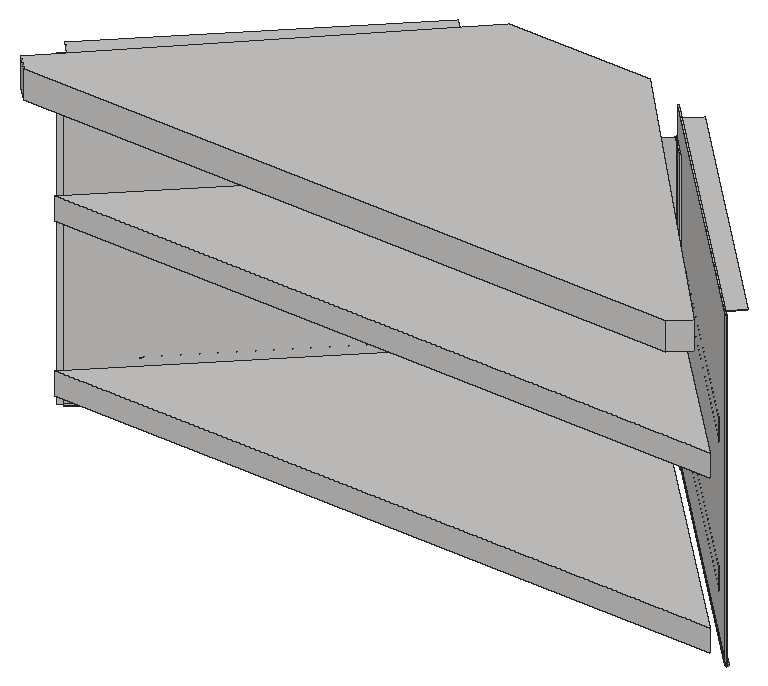
Revit family "QF_BOURGEAT_Self_meuble_angle90_ouvert_cote_service", category Equipement spécialisé, Revit 2015
Parameters
  URL catalogue = "http://www.bourgeat.fr"
  URL = ""
  Type article = ""
  Spécification technique = "OASIS"
  Profondeur hors tout = 580 mm
  Modèle = "854241"
  Longueur hors tout = 1464 mm
  Hauteur hors tout = 900 mm
  Fabricant = "BOURGEAT"
  Contact SAV = "0033(0)4.76.32.14.44"
Reference planes
  plane 1 "Centre (avant/arrière)": y = 0
  plane 2: z = 0
  plane 3 "Centre (gauche/droite)": x = 0
  plane 4: z = 662
  plane 5: z = 375
  plane 6: z = 35
  plane 7: y = -58
  plane 8: y = -5
  plane 9: x = -154
  plane 10: x = 154
  plane 11: y = -6
  plane 12: through (-154, -6, 1200) normal (-0.3827, -0.9239, 0)
  plane 13: through (-194.189, 10.647, 1200) normal (0.9239, -0.3827, 0)
  plane 14: through (-154, -6, 1200) normal (0.9239, -0.3827, 0)
  plane 15: through (-226.963, -42.345, 1200) normal (-0.3827, -0.9239, 0)
  plane 16: z = 610
  plane 17: z = 721.8
  plane 18: z = 86.6
  plane 19: z = 426.6
Forms (mm)
  Extrusion 1, solid, material "Acier inoxydable, brossé"
    sketch origin (0, 0, 0) x (0, 1, 0) y (0, 0, 1)
      loop
        line (-5, 662) -> (-7.005, 662) -> (-7.005, 610) -> (-5, 610) -> (-5, 662)
    from -154 to 154
Dimensions and locks
  angle plane 11 to plane 12 = 157.50°
  aligned and locked: plane 2 to level
  aligned and locked: plane 4 to Extrusion 1 sketch curve
  aligned and locked: plane 8 to Extrusion 1 sketch curve
  aligned and locked: Extrusion 1 to plane 9
  aligned and locked: nested 3 to plane 1 "Centre (avant/arrière)"
  aligned and locked: plane 3 "Centre (gauche/droite)" to nested 3
  aligned and locked: plane 7 to nested 5
  aligned and locked: plane 7 to nested 4
  aligned and locked: plane 3 "Centre (gauche/droite)" to nested 4
  aligned and locked: plane 3 "Centre (gauche/droite)" to nested 5
  aligned and locked: plane 17 to nested 3
  aligned and locked: plane 18 to nested 5
  aligned and locked: plane 19 to nested 4
Nested families
  nested 1: "Famille3" at (452.778, -236.517, 0) x (-0.7071, 0.7071, 0) z (0, 0, 1), type "Famille3"
  nested 2: "Famille3" at (-452.778, -236.517, 0) x (0.7071, 0.7071, 0) z (0, 0, 1), type "Famille3"
  nested 3: "dessus_meuble90_ouvert_service" at (0, -636, 661.8), type "dessus_meuble90_ouvert_service"
  nested 4: "etagere_meuble90_ouvert_service" at (0, -534, 376.6), type "etagere_meuble90_ouvert_service"
  nested 5: "etagere_meuble90_ouvert_service" at (0, -534, 36.6), type "etagere_meuble90_ouvert_service"
  nested 6: "tole_fermeture_arriere" at (0, -5, 0), type "tole_fermeture_arriere"
Definition of nested family "Famille3"
  Reference planes
    plane 1 "Centre (avant/arrière)": y = 0
    plane 2: z = 0
    plane 3 "Centre (gauche/droite)": x = 0
    plane 4: x = -373.5
    plane 5: x = 373.5
    plane 6: x = 372.5
    plane 7: y = -1
    plane 8: y = -40
    plane 9: through (372.5, -40, 1200) normal (0.9659, -0.2588, 0)
    plane 10: through (373.5, -40, 1200) normal (0.9659, -0.2588, 0)
    plane 11: through (369.461, -51.341, 1200) normal (0.2588, 0.9659, 0)
    plane 12: through (-373.5, 0, 1200) normal (0.0872, -0.9962, 0)
    plane 13: through (-373.5, -1, 1200) normal (0.0872, -0.9962, 0)
    plane 14: through (-385.454, -1.046, 1200) normal (0.9962, 0.0872, 0)
    plane 15: through (-373.5, 0, 1200) normal (0.9962, 0.0872, 0)
    plane 16: z = 686
    plane 17: x = 347.5
    plane 18: z = 611
    plane 19: z = 685
    plane 20: x = -368.5
    plane 21: x = 302.5
    plane 22: z = 5
    plane 23: z = 1
    plane 24: y = -7
    plane 25: y = -47.591
    plane 26: z = 16.8
    plane 27: z = 136
    plane 28: z = 426
    plane 29: x = 270
    plane 30: x = -270
  Forms (mm)
    Extrusion 1, solid
      sketch origin (0, 0, 0) x (1, 0, 0) y (0, 1, 0)
        loop
          line (-385.368, -2.038) -> (-373.5, -1) -> (370.5, -1)
          arc (370.5, -1) -> (371.914, -1.586) -> (372.5, -3) r 2
          line (372.5, -3) -> (372.5, -39.605)
          arc (372.5, -39.605) -> (372.474, -39.997) -> (372.398, -40.381) r 3
          line (372.398, -40.381) -> (369.461, -51.341) -> (370.394, -51.591) -> (373.398, -40.381)
          arc (373.398, -40.381) -> (373.474, -39.997) -> (373.5, -39.605) r 3
          line (373.5, -39.605) -> (373.5, -2)
          arc (373.5, -2) -> (372.914, -0.586) -> (371.5, 0) r 2
          line (371.5, 0) -> (-373.5, 0) -> (-385.454, -1.046) -> (-385.368, -2.038)
      from 5 to 686
    Extrusion 2, void
      sketch origin (0, 0, 0) x (1, 0, 0) y (0, 0, 1)
        loop
          line (347.5, 611) -> (387.5, 611) -> (387.5, 696) -> (347.5, 696) -> (347.5, 611)
      from 0 to 250
    Extrusion 3, solid
      sketch origin (0, 0, 0) x (0, 1, 0) y (0, 0, 1)
        loop
          line (-40, 686) -> (-40, 685) -> (0, 685) -> (0, 686) -> (-40, 686)
      from -368.5 to 302.5
    Extrusion 4, solid
      sketch origin (0, 0, 0) x (0, 1, 0) y (0, 0, 1)
        loop
          line (0, 5) -> (-1, 5) -> (-1, 3)
          arc (-1, 3) -> (-1.586, 1.586) -> (-3, 1) r 2
          line (-3, 1) -> (-7, 1) -> (-7, 0) -> (-2, 0)
          arc (-2, 0) -> (-0.586, 0.586) -> (0, 2) r 2
          line (0, 2) -> (0, 5)
      from -373.5 to 373.5
    Extrusion 5, solid
      sketch origin (0, -123.941, -57.378) x (0, 1, 0) y (0, 0, 1)
        loop
          line (112.941, 483.378) -> (112.941, 482.378) -> (120.941, 482.378)
          arc (120.941, 482.378) -> (121.648, 482.085) -> (121.941, 481.378) r 1
          line (121.941, 481.378) -> (121.941, 435.378)
          arc (121.941, 435.378) -> (121.648, 434.671) -> (120.941, 434.378) r 1
          line (120.941, 434.378) -> (112.941, 434.378) -> (112.941, 433.378) -> (120.941, 433.378)
          arc (120.941, 433.378) -> (122.355, 433.964) -> (122.941, 435.378) r 2
          line (122.941, 435.378) -> (122.941, 481.378)
          arc (122.941, 481.378) -> (122.355, 482.792) -> (120.941, 483.378) r 2
          line (120.941, 483.378) -> (112.941, 483.378)
        loop
          line (112.941, 193.378) -> (112.941, 192.378) -> (120.941, 192.378)
          arc (120.941, 192.378) -> (121.648, 192.085) -> (121.941, 191.378) r 1
          line (121.941, 191.378) -> (121.941, 145.378)
          arc (121.941, 145.378) -> (121.648, 144.671) -> (120.941, 144.378) r 1
          line (120.941, 144.378) -> (112.941, 144.378) -> (112.941, 143.378) -> (120.941, 143.378)
          arc (120.941, 143.378) -> (122.355, 143.964) -> (122.941, 145.378) r 2
          line (122.941, 145.378) -> (122.941, 191.378)
          arc (122.941, 191.378) -> (122.355, 192.792) -> (120.941, 193.378) r 2
          line (120.941, 193.378) -> (112.941, 193.378)
      from -270 to 270
  Cuts and joins
    Extrusion 2 cuts Extrusion 1
  Dimensions and locks
    plane 15 to plane 14 = 12 mm
    plane 16 to plane 2 = 686 mm
    aligned and locked: level to plane 2
    aligned and locked: Extrusion 1 sketch curve to plane 14
    aligned and locked: Extrusion 1 sketch curve to plane 12
    aligned and locked: plane 1 "Centre (avant/arrière)" to Extrusion 1 sketch curve
    aligned and locked: Extrusion 1 sketch curve to plane 5
    aligned and locked: Extrusion 1 sketch curve to plane 10
    aligned and locked: Extrusion 1 sketch curve to plane 11
    aligned and locked: Extrusion 1 sketch curve to plane 9
    aligned and locked: plane 6 to Extrusion 1 sketch curve
    aligned and locked: plane 7 to Extrusion 1 sketch curve
    aligned and locked: Extrusion 1 sketch curve to plane 13
    aligned and locked: plane 16 to Extrusion 1
    aligned and locked: Extrusion 2 sketch curve to plane 18
    aligned and locked: plane 17 to Extrusion 2 sketch curve
    aligned and locked: Extrusion 3 sketch curve to plane 16
    aligned and locked: plane 8 to Extrusion 3 sketch curve
    aligned and locked: Extrusion 3 sketch curve to plane 19
    aligned and locked: plane 1 "Centre (avant/arrière)" to Extrusion 3 sketch curve
    aligned and locked: Extrusion 3 to plane 20
    aligned and locked: Extrusion 3 to plane 21
    aligned and locked: cut or joined group of Extrusion 1, Extrusion 2 to Extrusion 4 sketch curve  (x2)
    aligned and locked: Extrusion 4 sketch curve to cut or joined group of Extrusion 1, Extrusion 2  (x2)
    aligned and locked: plane 2 to Extrusion 4 sketch curve
    aligned and locked: plane 24 to Extrusion 4 sketch curve
    aligned and locked: plane 7 to Extrusion 4 sketch curve
    aligned and locked: plane 1 "Centre (avant/arrière)" to Extrusion 4 sketch curve
    aligned and locked: plane 5 to Extrusion 4
    aligned and locked: plane 4 to Extrusion 4
    aligned and locked: plane 30 to Extrusion 5
    aligned and locked: plane 29 to Extrusion 5
Definition of nested family "dessus_meuble90_ouvert_service"
  Reference planes
    plane 1 "Centre (avant/arrière)": y = 0
    plane 2: z = 0
    plane 3 "Centre (gauche/droite)": x = 0
    plane 4: y = 636
    plane 5: x = 675.5
    plane 6: x = -675.5
    plane 7: x = 730
    plane 8: x = -730
    plane 9: y = 32.8
    plane 10: x = 152
    plane 11: x = -152
    plane 12: z = 60
  Forms (mm)
    Extrusion 1, solid
      sketch origin (0, 0, 0) x (1, 0, 0) y (0, 1, 0)
        loop
          line (-696.868, 0) -> (695.77, 0) -> (730, 32.8) -> (152, 636) -> (-152, 636) -> (-729.838, 32.969) -> (-696.868, 0)
      from 0 to 60
  Dimensions and locks
    plane 6 to plane 5 = 1351 mm
    plane 6 to plane 3 "Centre (gauche/droite)" to plane 5 = 675.5 mm, 675.5 mm
    equal spacing: plane 11, plane 3 "Centre (gauche/droite)", plane 10
    locked: plane 11 to plane 10 at 304
    plane 4 to plane 1 "Centre (avant/arrière)" = 636 mm
    plane 12 to plane 2 = 60 mm
    plane 8 to plane 7 = 1460 mm
    plane 8 to plane 3 "Centre (gauche/droite)" to plane 7 = 730 mm, 730 mm
    aligned and locked: level to plane 2
    aligned and locked: Extrusion 1 sketch curve to plane 4
    aligned and locked: plane 7 to Extrusion 1 sketch curve
    aligned and locked: plane 1 "Centre (avant/arrière)" to Extrusion 1 sketch curve
    aligned and locked: plane 12 to Extrusion 1
  Automatic sketch dimensions
    Extrusion 1 sketch curve to plane 11 = 0 mm
    Extrusion 1 sketch curve to plane 10 = 0 mm
    Extrusion 1 sketch curve to plane 9 = 0 mm
    Extrusion 1 sketch curve to plane 8 = 0.162 mm
    plane 6 to Extrusion 1 sketch curve = 21.368 mm
    plane 9 to Extrusion 1 sketch curve = 0.169 mm
Definition of nested family "etagere_meuble90_ouvert_service"
  Reference planes
    plane 1 "Centre (avant/arrière)": y = 0
    plane 2: z = 0
    plane 3 "Centre (gauche/droite)": x = 0
    plane 4: y = 476
    plane 5: x = 710
    plane 6: x = -710
    plane 7: x = 235
    plane 8: x = -235
    plane 9: z = 50
    plane 10: through (-227, 600, 1200) normal (0.9239, -0.3827, 0)
    plane 11: through (227, 600, 1200) normal (0.9239, 0.3827, 0)
  Forms (mm)
    Extrusion 1, solid
      sketch origin (0, 0, 0) x (1, 0, 0) y (0, 1, 0)
        loop
          line (-711, 0) -> (711, 0) -> (235, 476) -> (-235, 476) -> (-711, 0)
      from 0 to 50
  Dimensions and locks
    plane 6 to plane 3 "Centre (gauche/droite)" to plane 5 = 710 mm, 710 mm
    plane 8 to plane 3 "Centre (gauche/droite)" to plane 7 = 235 mm, 235 mm
    plane 4 to plane 1 "Centre (avant/arrière)" = 476 mm
    plane 9 to plane 2 = 50 mm
    aligned and locked: level to plane 2
    aligned and locked: plane 9 to Extrusion 1
Definition of nested family "tole_fermeture_arriere"
  Reference planes
    plane 1 "Centre (avant/arrière)": y = 0
    plane 2: z = 0
    plane 3 "Centre (gauche/droite)": x = 0
    plane 4: x = 156.5
    plane 5: x = -156.5
    plane 6: y = -1
    plane 7: through (-156.5, -1, 1200) normal (-0.7071, -0.7071, 0)
    plane 8: through (-188.673, 31.173, 1200) normal (0.7071, -0.7071, 0)
    plane 9: through (-156.5, -1, 1200) normal (0.7071, -0.7071, 0)
    plane 10: z = 610
  Forms (mm)
    Extrusion 1, solid
      sketch origin (0, 0, 0) x (1, 0, 0) y (0, 1, 0)
        loop
          arc (155.672, -1) -> (156.437, -0.848) -> (157.086, -0.414) r 2
          line (157.086, -0.414) -> (187.966, 30.466)
          arc (187.966, 30.466) -> (188.673, 30.759) -> (189.38, 30.466) r 1
          line (189.38, 30.466) -> (232.16, -12.314) -> (232.868, -11.607) -> (190.088, 31.173)
          arc (190.088, 31.173) -> (188.673, 31.759) -> (187.259, 31.173) r 2
          line (187.259, 31.173) -> (156.379, 0.293)
          arc (156.379, 0.293) -> (156.054, 0.076) -> (155.672, 0) r 1
          line (155.672, 0) -> (-155.672, 0)
          arc (-155.672, 0) -> (-156.054, 0.076) -> (-156.379, 0.293) r 1
          line (-156.379, 0.293) -> (-187.259, 31.173)
          arc (-187.259, 31.173) -> (-188.673, 31.759) -> (-190.088, 31.173) r 2
          line (-190.088, 31.173) -> (-232.868, -11.607) -> (-232.16, -12.314) -> (-189.38, 30.466)
          arc (-189.38, 30.466) -> (-188.673, 30.759) -> (-187.966, 30.466) r 1
          line (-187.966, 30.466) -> (-157.086, -0.414)
          arc (-157.086, -0.414) -> (-156.437, -0.848) -> (-155.672, -1) r 2
          line (-155.672, -1) -> (155.672, -1)
      from 0 to 610
  Dimensions and locks
    plane 9 to plane 8 = 45.5 mm
    aligned and locked: level to plane 2
    aligned and locked: plane 6 to Extrusion 1 sketch curve
    aligned and locked: Extrusion 1 sketch curve to plane 7
    aligned and locked: Extrusion 1 sketch curve to plane 8
    aligned and locked: plane 1 "Centre (avant/arrière)" to Extrusion 1 sketch curve
    aligned and locked: plane 10 to Extrusion 1
